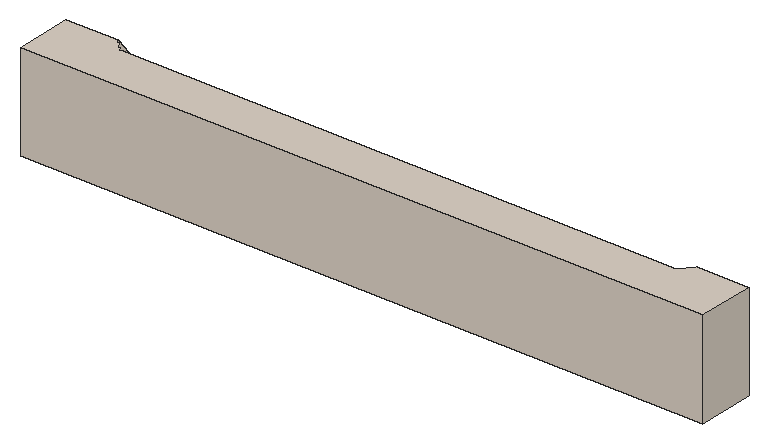
Revit family
Parameters (values of type "125 x 215mm Deep")
  Opening Width [instance] = 1210.0 mm
  Keynote = "F"
  Cill/Lintol Offset from Ext = 25.0 mm
  Material Cill = Masonry - Stone Cill
  Cill Height [instance] = 910.0 mm
  Cill/Lintol Width = 125.0 mm
  Cill/Lintol Length [instance] = Opening Width + 2 * (Cill Lintol Bearing)  # 1510.0 mm
  Cill/Lintol Depth = 215.0 mm
  Cill Lintol Bearing = 150.0 mm
Types (2, lengths in mm): name | Cill/Lintol Depth
  125 x 215mm Deep | 215.0
  125 x 150mm Deep | 150.0
Reference planes
  plane 1 "Wall": y = -11.298
  plane 2 "Center (Left/Right)": x = 161.814
  plane 3 "Back": y = 138.702
  plane 4 "U/S Lintol": z = 910
  plane 5: x = 766.814
  plane 6: x = -443.186
  plane 7: x = 916.814
  plane 8: x = -593.186
  plane 9: y = 163.702
  plane 10: y = 38.702
  plane 11: z = 695
Forms (mm)
  Extrusion 1, void
    sketch origin (0, 138.702, 0) x (-1, 0, 0) y (0, 0, 1)
      loop
        line (-916.814, 910) -> (-916.814, 695) -> (593.186, 695) -> (593.186, 910) -> (-916.814, 910)
    from 0 to -100
  Extrusion 2, solid, material "Masonry - Stone Cill" <- "Material Cill"
    sketch origin (0, 138.702, 0) x (1, 0, 0) y (0, 0, 1)
      loop
        line (916.814, 910) -> (-593.186, 910) -> (-593.186, 695) -> (916.814, 695) -> (916.814, 910)
    from -25 to 100
  Sweep 3, void
    path origin (916.814, 38.702, 910) x (0, 1, 0) y (-1, 0, 0)
      loop
        line (195.711, 1430.711) -> (125, 1360) -> (125, 150) -> (195.711, 79.289)
    profile origin (161.814, 0, 0) x (0, 1, 0) y (0, 0, 1)
      loop
        line (163.702, 910) -> (138.702, 910) -> (163.702, 885) -> (163.702, 910)
Cuts and joins
  Sweep 3 cuts Extrusion 2
Text (mm)
  text "Placement side" at (-1848.837, 1116.779, 0), in view "Ref. Level"
  text "Placement side" at (0, 1409.804, 2854.306), in view "Left"
  text "Placement side" at (0, 499.811, 2980.732), in view "Right"
Dimensions and locks
  locked: plane 3 "Back" to host wall
  equal spacing: plane 5, plane 2 "Center (Left/Right)", plane 6
  "Opening Width": plane 5 to plane 6
  "Cill Lintol Bearing": plane 7 to plane 5
  "Cill Lintol Bearing": plane 6 to plane 8
  "Cill Height": level to plane 4 "U/S Lintol"
  "Cill/Lintol Offset from Ext": plane 3 "Back" to plane 9
  "Cill/Lintol Width": plane 10 to plane 9
  "Cill/Lintol Depth": plane 11 to plane 4 "U/S Lintol"
  "Cill/Lintol Offset from Ext": Sweep 3 sketch curve to plane 9
  "Cill/Lintol Offset from Ext": Sweep 3 sketch curve to plane 4 "U/S Lintol"
  locked: Sweep 3 sketch curve to Sweep 3 sketch curve (angle 135.00°)  (x2)
  aligned and locked: plane 1 "Wall" to host wall
  aligned and locked: Extrusion 1 to plane 10
  aligned and locked: host wall to Extrusion 1
  aligned and locked: plane 9 to Extrusion 2
  aligned and locked: Extrusion 2 to plane 10
  aligned and locked: plane 6 to Sweep 3 sketch curve
  aligned and locked: Sweep 3 sketch curve to plane 9
Automatic sketch dimensions
  Extrusion 1 sketch curve to plane 7 = 0.0 mm
  Extrusion 1 sketch curve to plane 8 = 0.0 mm
  Extrusion 1 sketch curve to plane 11 = 0.0 mm
  Extrusion 1 sketch curve to plane 4 "U/S Lintol" = 0.0 mm
  Extrusion 2 sketch curve to plane 4 "U/S Lintol" = 0.0 mm
  Extrusion 2 sketch curve to plane 8 = 0.0 mm
  Extrusion 2 sketch curve to plane 7 = 0.0 mm
  Extrusion 2 sketch curve to plane 11 = 0.0 mm
  Sweep 3 sketch curve to plane 5 = 0.0 mm
  plane 9 to Sweep 3 sketch curve = 70.711 mm
  plane 5 to Sweep 3 sketch curve = 70.711 mm
  Sweep 3 sketch curve to profile plane = 0.0 mm  (x2)
